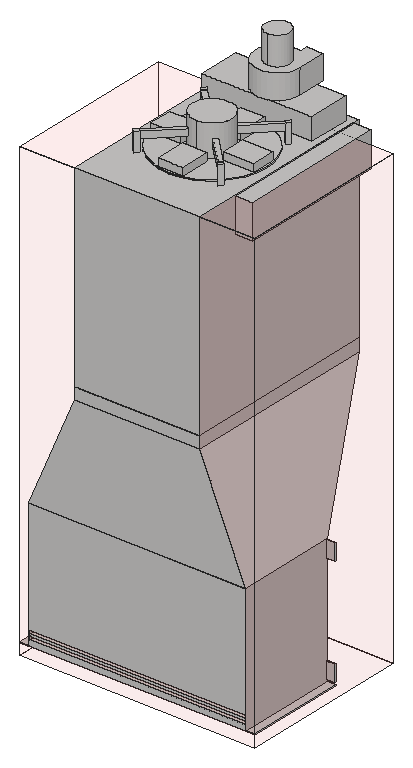
Revit family "Air-Curtain_Industrial_PoweredAire_Gas-Indirect-1Heater", category Mechanical Equipment, host Face, Revit 2018
Family settings
  Host = Face
  Round Connector Dimension = Use Diameter
  Part Type = Normal
  OmniClass Number = 23.75.35.17.21
  OmniClass Title = Air Curtains
  Cut with Voids When Loaded = No
  Shared = No
  Room Calculation Point = No
Parameters
  topbracket [instance] = Unit Height = 1' 4 3/4"  # yes
  Warranty Duration (Years) = 0
  Unit Width Notes = "Other Widths available."  # constant formula
  Unit Width = 3' - 3"
  Unit Weight = 0
  Unit Height = 1' - 4 3/4"
  Unit Depth = 1' - 9 1/4"
  URL = "http://www.poweredaire.com/"
  Test Data = ""
  Standards Conformance = "as Specified"
  Specification = "http://www.arcat.com/sdspecs/htm04/23_34_33pai.htm"
  SpecWizard = ""
  Sound Pressure = "as Specified"
  Sales Information = "http://www.poweredaire.com/contact_us"
  Revision = "R1_2016-08"
  Projection from Host [instance] = 0' - 2"
  Product Properties = ""
  Product Data = "http://www.arcat.com/arcatcos/cos47/arc47623.html"
  Power Rating = 0 W
  Piping_Operating Pressure [instance] = 0.00 psi
  Pipe OD [instance] = 5/8"
  Overall Depth = 6' - 1 3/4"
  Nozzle Width = if(1 = 1, Unit Width - 0' 3", 0' 0")  # 3' - 0"
  Mounting Width = if(1 = 1, Unit Width - 0' 1 1/2", 0' 0")  # 3' - 1 1/2"
  Mounting Height [instance] = 3' - 6"
  Motor RPM = 0
  Motor HP = 0
  Motor Count = 0
  Model = "As Specified"
  Max Height = 0' - 0"
  Manufacturer Website = "http://www.poweredaire.com/"
  Manufacturer Phone - Toll Free = "888-321-2473"
  Manufacturer Phone = "724-588-3305"
  Manufacturer Fax = "724-588-3371"
  Manufacturer Address = "109 Mortensen Rd.  Greenville, PA 16125"
  Manufacturer = "Powered Aire, Inc"
  Maintenance Schedule (Months) = 0
  Keynote = "23 34 33"
  Installation-Fabrication = ""
  Installation Phase = ""
  Include Clearance [instance] = yes
  Heating Element Load = 0 W
  Heater Weight = 0
  Heater Hanging Width = 1' - 6 5/8"
  Heater Finish [instance] = Metal - Steel - PoweredAire - Stainless 304
  HVAC_Temperature Rise = 0 °F
  HVAC_Primary CFM = 0 CFM
  HVAC_Outlet Volume = 0 CFM
  HVAC_Outlet Velocity Uniformity = 0
  HVAC_Outlet Velocity = 0 FPM
  HVAC_Exit Temperature [instance] = 0 °F
  HVAC_BTU Output = 0.0 Btu/h
  HVAC_BTU Input = 0.0 Btu/h
  Green Building-LEED = "http://www.arcat.com/green/clients/leed_data_47623.html"
  Gas Connection Diameter [instance] = 0"
  Frame Finish [instance] = Metal - Steel - PoweredAire - Stainless 304
  Expected Lifespan (Years) = 0
  Exhaust Connection Diameter = 0' - 5"
  Electrical_Wattage [instance] = Power Rating + Heating Element Load  # 0 W
  Electrical_Voltage [instance] = 0 V
  Electrical_Phase [instance] = 1
  Electrical_Frequency [instance] = 0 Hz
  Electrical_Amperage [instance] = 0 A
  Drawn By = "Sumex Design, Inc. / Robert S. Weygant, CSI, CDT, SCIP"
  Description = "Powered Aire Air Curtain as Specified"
  Default Elevation = 0' - 0"  # constant formula
  Copyright = "©Arcat Inc."
  Construction Details = "http://www.arcat.com/details/powair/prod3336.html"
  Clearance_Top [instance] = 1' - 0"
  Clearance_Side B [instance] = 0' - 0"
  Clearance_Side A [instance] = 0' - 0"
  Clearance_Intake [instance] = 0' - 0"
  Clearance_Bottom [instance] = 0' - 0"
  Clearance Material [instance] = ARCAT Clearance
  Building Codes = ""
  Available Options [instance] = "as Specified"
  Assembly Code = "D3090400"
Reference planes (in)
  plane 1 "Center (Elevation)": y = 0.13818
  plane 2: z = 0
  plane 3 "Center (Left/Right)": x = 0
  plane 4 "Top": y = 8.51318
  plane 5: y = -8.23682
  plane 6: x = -19.5
  plane 7: x = 19.5
  plane 8 "Front": z = 23.25
  plane 9 "FF": y = -41.86182
  plane 10: z = 2
  plane 11: x = 18
  plane 12: x = -18
  plane 13: y = 20.51318
  plane 14: y = -8.23682
  plane 15: x = -19.5
  plane 16: x = 19.5
  plane 17: z = 75.75
  plane 18: x = 17.9375
  plane 19: x = -17.9375
  plane 20: x = 18
  plane 21: x = 18
  plane 22: y = 6.01318
  plane 23: y = -5.73682
  plane 24: x = -9.3125
  plane 25: x = 9.3125
  plane 26: x = -10.375
  plane 27: x = 10.375
  plane 28: z = 75.75
  plane 29: z = 43.25
  plane 30: z = 41.25
Forms (in)
  Extrusion 1, solid, material "Metal - Steel - PoweredAire - Stainless 304" <- "Frame Finish"
    sketch origin (0, 0, 0) x (0, 1, 0) y (0, 0, 1)
      loop
        line (-8.23682, 2) -> (8.51318, 2) -> (8.51318, 23.25) -> (-8.23682, 23.25) -> (-8.23682, 2)
    from -18 to 18
  Extrusion 2, solid, material "ARCAT Clearance" <- "Clearance Material", visible <- "Include Clearance"
    sketch origin (0, 0, 0) x (0, 1, 0) y (0, 0, 1)
      loop
        line (-8.23682, 75.75) -> (-8.23682, 0) -> (20.51318, 0) -> (20.51318, 75.75) -> (-8.23682, 75.75)
    from -19.5 to 19.5
  Extrusion 3, solid, material "Metal - Steel - PoweredAire - Stainless 304" <- "Frame Finish"
    sketch origin (-15.17702, -180, 2) x (-1, 0, 0) y (0, -1, 0)
      loop
        line (-33.17702, -188.51318) -> (-33.17702, -171.76318) -> (-34.67702, -171.76318) -> (-34.67702, -188.51318) -> (-33.17702, -188.51318)
      loop
        line (2.82298, -188.51318) -> (4.32298, -188.51318) -> (4.32298, -171.76318) -> (2.82298, -171.76318) -> (2.82298, -188.51318)
    from 0 to 0.125
  Extrusion 4, solid, material "Metal - Steel - PoweredAire - Stainless 304" <- "Frame Finish", visible <- "topbracket"
    sketch origin (-11.83813, 8.51318, 48) x (-1, 0, 0) y (0, 0, 1)
      loop
        line (-29.83813, -45.5) -> (-29.83813, -42.75) -> (-31.33813, -42.75) -> (-31.33813, -45.5) -> (-29.83813, -45.5)
      loop
        line (-29.83813, -27.5) -> (-29.83813, -24.75) -> (-31.33813, -24.75) -> (-31.33813, -27.5) -> (-29.83813, -27.5)
      loop
        line (6.16187, -45.5) -> (7.66187, -45.5) -> (7.66187, -42.75) -> (6.16187, -42.75) -> (6.16187, -45.5)
      loop
        line (6.16187, -27.5) -> (7.66187, -27.5) -> (7.66187, -24.75) -> (6.16187, -24.75) -> (6.16187, -27.5)
    from 0 to -0.125
  Extrusion 5, void
    sketch origin (0, 0, 0) x (0, 1, 0) y (0, 0, 1)
      loop
        line (-8.23682, 3) -> (-7.23682, 3) -> (-7.23682, 4.5) -> (-8.23682, 4.5) -> (-8.23682, 3.82425) -> (-7.38364, 3.82425) -> (-7.38364, 3.57425) -> (-8.23682, 3.57425) -> (-8.23682, 3)
    from -17.9375 to 17.9375
  Blend 6, solid, material "Metal - Steel - PoweredAire - Stainless 304" <- "Frame Finish"
    base sketch origin (-15.17702, -180, 23.25) x (-1, 0, 0) y (0, -1, 0)
      loop
        line (2.82298, -188.51318) -> (2.82298, -171.76318) -> (-33.17702, -171.76318) -> (-33.17702, -188.51318) -> (2.82298, -188.51318)
    top sketch origin (-15.17702, -180, 23.25) x (-1, 0, 0) y (0, -1, 0)
      loop
        line (-4.80202, -171.76318) -> (-25.55202, -171.76318) -> (-25.55202, -204.76318) -> (-4.80202, -204.76318) -> (-4.80202, -171.76318)
    from 0 to 18
Cuts and joins
  Extrusion 5 cuts Extrusion 1
Dimensions and locks (in)
  equal spacing: plane 4 "Top", plane 1 "Center (Elevation)", plane 5
  "Unit Height": plane 4 "Top" to plane 5
  equal spacing: plane 6, plane 3 "Center (Left/Right)", plane 7
  "Unit Width": plane 6 to plane 7
  "Mounting Height": plane 1 "Center (Elevation)" to plane 9 "FF"
  "Projection from Host": plane 10 to level
  "Unit Depth": plane 8 "Front" to plane 10
  locked: plane 6 to plane 12 at 1.5
  locked: plane 11 to plane 7 at 1.5
  "Clearance_Side A": plane 7 to plane 16
  "Clearance_Side B": plane 15 to plane 6
  "Clearance_Top": plane 13 to plane 4 "Top"
  "Clearance_Bottom": plane 5 to plane 14
  "Clearance_Intake": plane 17 to plane 28
  Extrusion 5 sketch curve to Extrusion 5 sketch curve to Extrusion 5 sketch curve to Extrusion 5 sketch curve to plane 10 = 0' - 0.67575" locked, 0' - 0 1/4" locked, 0' - 0.57425" locked, 0' - 1" locked
  plane 5 to Extrusion 5 sketch curve to Extrusion 5 sketch curve = 0' - 0.85319" locked, 0' - 0.14681" locked
  locked: plane 19 to plane 12 at 0.0625
  locked: plane 11 to plane 18 at 0.0625
  locked: plane 20 to plane 11
  locked: plane 21 to plane 11
  locked: plane 4 "Top" to plane 22 at 2.5
  locked: plane 23 to plane 5 at 2.5
  equal spacing: plane 24, plane 3 "Center (Left/Right)", plane 25
  "Heater Hanging Width": plane 24 to plane 25
  locked: plane 25 to plane 27 at 1.0625
  locked: plane 26 to plane 24 at 1.0625
  "Overall Depth": plane 28 to plane 10
  locked: plane 29 to plane 30 at 2
  locked: plane 28 to plane 29 at 32.5
  locked: Blend 6 sketch curve to plane 5 at 33
  Extrusion 4 sketch curve to Extrusion 4 sketch curve to plane 10 = 0' - 2 3/4" locked, 0' - 0 1/2" locked  (x2)
  plane 8 "Front" to Extrusion 4 sketch curve to Extrusion 4 sketch curve = 0' - 0" locked, 0' - 2 3/4" locked  (x2)
  aligned and locked: plane 2 to host face
  aligned and locked: level to host face
  aligned and locked: Extrusion 2 sketch curve to plane 17
  aligned and locked: plane 14 to Extrusion 2 sketch curve
  aligned and locked: level to Extrusion 2 sketch curve
  aligned and locked: Extrusion 2 sketch curve to plane 13
  aligned and locked: plane 16 to Extrusion 2
  aligned and locked: Extrusion 2 to plane 15
  aligned and locked: plane 11 to Extrusion 1
  aligned and locked: Extrusion 1 to plane 12
  aligned and locked: Extrusion 1 sketch curve to plane 8 "Front"
  aligned and locked: plane 28 to nested 1
  aligned and locked: Blend 6 sketch curve to plane 5  (x2)
  aligned and locked: plane 12 to Blend 6 sketch curve
  aligned and locked: Blend 6 sketch curve to plane 11
  aligned and locked: Blend 6 sketch curve to plane 4 "Top"
  aligned and locked: Blend 6 sketch curve to plane 26
  aligned and locked: plane 27 to Blend 6 sketch curve
  aligned and locked: plane 30 to Blend 6
  aligned and locked: plane 3 "Center (Left/Right)" to nested 1
  aligned and locked: plane 18 to cut or joined group of Extrusion 1, Extrusion 5
  aligned and locked: cut or joined group of Extrusion 1, Extrusion 5 to plane 19
Automatic sketch dimensions
  host sketch curve to host sketch curve = 8' - 0"  (x2)
  plane 4 "Top" to Extrusion 3 sketch curve = 0' - 0"
  Extrusion 3 sketch curve to plane 7 = 0' - 0"
  plane 5 to Extrusion 3 sketch curve = 0' - 0"
  Extrusion 3 sketch curve to plane 11 = 0' - 0"
  Extrusion 3 sketch curve to plane 4 "Top" = 0' - 0"
  Extrusion 3 sketch curve to plane 12 = 0' - 0"
  Extrusion 3 sketch curve to plane 6 = 0' - 0"
  Extrusion 3 sketch curve to plane 5 = 0' - 0"
  Extrusion 4 sketch curve to plane 7 = 0' - 0"  (x2)
  Extrusion 4 sketch curve to plane 11 = 0' - 0"  (x2)
  Extrusion 4 sketch curve to plane 12 = 0' - 0"  (x2)
  Extrusion 4 sketch curve to plane 6 = 0' - 0"  (x2)
  Extrusion 5 sketch curve to plane 5 = 0' - 0"  (x2)
  Extrusion 1 sketch curve to plane 5 = 0' - 0"
  Extrusion 1 sketch curve to plane 4 "Top" = 0' - 0"
  Extrusion 1 sketch curve to plane 10 = 0' - 0"
Nested families (in)
  nested 1: "Heater" at (0, -8.23682, 43.2987) x (1, 0, 0) z (0, 1, 0), finish <- "Heater Finish", burner width <- "Heater Hanging Width", type "Heater"
    with finish Metal - Steel - PoweredAire - Stainless 304, burner width 1' - 6 5/8", Two Fan no, One Fan yes
Connectors (in)
  electrical at (-18, 0.13818, 12.625), driven by "Electrical_Voltage", driven by "Electrical_Phase"
    settings: on cut or joined group of Extrusion 1, Extrusion 5, index 3, voltage 0 V, apparent load 0 VA, apparent load phase1 0 VA, apparent load phase2 0 VA, apparent load phase3 0 VA, power factor 1, load classification "Motor", number of poles 1, system type 31, power factor state 1, is connector primary yes, connector utility no, sub classification motor no, connector description ""
  hvac at (3, 24.76318, 81.40625), driven by "Exhaust Connection Diameter", driven by "HVAC_Primary CFM"
    settings: on nested 1, index 4, duct flow 0 CFM, flow factor 0, pres drop 0.00 in-wg, loss coef 0, conn angle 0.00°, conn width 12", conn height 12", conn diameter 5", duct sys type 3, conn prof type 0, flow config 0, flow direction 2, loss method 0, conn ref index -1, conn util no, is conn primary yes, conn desc ""
Definition of nested family "Heater"
  Parameters
    finish [instance] = none
    burner width [instance] = 4' - 0 5/8"
    burner depth = 3' - 8 3/4"
    Two Fan [instance] = burner width > 4' 0"  # yes
    One Fan [instance] = burner width < 4' 0"  # no
    Default Elevation = 0' - 0"  # constant formula
  Reference planes (in)
    plane 1 "Center (Front/Back)": y = 0
    plane 2: z = 0
    plane 3 "Center (Left/Right)": x = 0
    plane 4: x = -25.375
    plane 5: x = 25.375
    plane 6: z = 33
    plane 7: y = -44.75
    plane 8: x = 3
    plane 9: x = 4.375
    plane 10: x = -12.6875
    plane 11: x = 12.6875
    plane 12: z = 15.5
    plane 13: x = -24.3125
    plane 14: x = 24.3125
  Forms (in)
    Extrusion 1, solid, material <- "finish"
      sketch origin (-74.94554, -3, 38.65968) x (0, 0, 1) y (1, 0, 0)
        loop
          line (-5.65968, 49.57054) -> (-5.65968, 100.32054) -> (-38.65968, 100.32054) -> (-38.65968, 49.57054) -> (-5.65968, 49.57054)
      from 3 to -29.4513
    Extrusion 2, solid, material <- "finish"
      sketch origin (0, 0, 0) x (0, 1, 0) y (0, 0, 1)
        loop
          line (2, 0) -> (2, 33) -> (0, 33) -> (0, 0) -> (2, 0)
      from -25.375 to 25.375
    Extrusion 3, solid, material <- "finish"
      sketch origin (-74.94554, -32.4513, 38.65968) x (0, 0, 1) y (1, 0, 0)
        loop
          line (-6.91591, 50.82971) -> (-6.91591, 99.10844) -> (-13.91591, 99.10844) -> (-13.91591, 50.82971) -> (-6.91591, 50.82971)
      from 0 to -3.625
    Extrusion 4, solid, material <- "finish"
      sketch origin (-74.94554, -36.0763, 38.65968) x (0, 0, 1) y (1, 0, 0)
        loop
          arc (-10.4052, 79.32054) -> (-12.67312, 72.60509) -> (-6.79809, 76.57054) r 3.74068
          line (-6.79809, 76.57054) -> (-5.65968, 76.57054) -> (-5.65968, 79.32054) -> (-10.4052, 79.32054)
      from 0 to -4.0625
    Extrusion 5, solid, material <- "finish"
      sketch origin (-73.58006, -40.1388, 35.52564) x (0, 0, -1) y (1, 0, 0)
        loop
          circle (7.27116, 74.21438) r 2
      from 4.6112 to 0
    Extrusion 6, solid, material <- "finish"
      sketch origin (0, 0, 0) x (1, 0, 0) y (0, 1, 0)
        loop
          line (28.3125, -32.4513) -> (28.3125, -26.7013) -> (25.3125, -26.7013) -> (25.3125, -32.4513) -> (28.3125, -32.4513)
      from 7.25 to 31.75
    Extrusion 7, solid, material <- "finish", visible <- "Two Fan"
      sketch origin (0, 0, 0) x (0, 1, 0) y (0, 0, 1)
        loop
          line (-32.4513, 6.22268) -> (-44.15658, 5.1986) -> (-44.15658, 4.4486) -> (-32.4513, 4.85736) -> (-32.4513, 6.22268)
      from -25.375 to 25.375
  Dimensions and locks (in)
    locked: Extrusion 4 sketch curve to Extrusion 4 sketch curve at 2.75
    "burner width": plane 13 to plane 14
    locked: plane 6 to level at 33
    "burner depth": plane 7 to plane 1 "Center (Front/Back)"
    locked: plane 8 to plane 9 at 1.375
    Extrusion 4 sketch curve to Extrusion 4 sketch curve to plane 8 = 0' - 0.99068" locked, 0' - 1 3/8" locked
    locked: Extrusion 5 sketch curve to plane 8 at 2.36568
    locked: plane 8 to plane 3 "Center (Left/Right)" at 3
    Extrusion 6 sketch curve to plane 5 to Extrusion 6 sketch curve = 0' - 0 1/16" locked, 0' - 2 15/16" locked
    equal spacing: plane 5, plane 11, plane 3 "Center (Left/Right)", plane 10, plane 4
    locked: plane 4 to plane 13 at 1.0625
    locked: plane 14 to plane 5 at 1.0625
    aligned and locked: plane 2 to level
    aligned: Extrusion 4 to Extrusion 5
    aligned: Extrusion 3 to Extrusion 2  (x2)
    aligned and locked: plane 7 to Extrusion 5
    aligned and locked: plane 4 to Extrusion 1 sketch curve
    aligned and locked: Extrusion 1 sketch curve to plane 5
    aligned and locked: Extrusion 7 to plane 4
    aligned and locked: plane 5 to Extrusion 7
    aligned and locked: plane 12 to nested 1
    aligned and locked: plane 3 "Center (Left/Right)" to nested 1
    aligned and locked: plane 12 to nested 3
    aligned and locked: plane 11 to nested 3
    aligned and locked: plane 10 to nested 2
    aligned and locked: plane 12 to nested 2
    aligned and locked: plane 5 to Extrusion 2
    aligned and locked: Extrusion 2 to plane 4
  Automatic sketch dimensions
    Extrusion 1 to Extrusion 3 sketch curve = 0' - 1.25917"
    Extrusion 1 to Extrusion 3 sketch curve = 0' - 8.25624"
    Extrusion 1 to Extrusion 3 sketch curve = 0' - 1.2121"
    Extrusion 1 to Extrusion 3 sketch curve = 0' - 1.25624"
    Extrusion 4 sketch curve to Extrusion 3 = 0' - 0.11782"
    Extrusion 4 sketch curve to Extrusion 3 = 0' - 1.25624"
    Extrusion 5 sketch curve to Extrusion 4 = 0' - 4.74552"
    Extrusion 1 sketch curve to level = 0' - 0"
    Extrusion 1 sketch curve to plane 6 = 0' - 0"
    Extrusion 2 sketch curve to level = 0' - 0"
    Extrusion 2 sketch curve to plane 1 "Center (Front/Back)" = 0' - 0"
    Extrusion 2 sketch curve to plane 6 = 0' - 0"
    Extrusion 2 sketch curve to Extrusion 2 sketch curve = 0' - 2"
    Extrusion 6 sketch curve to plane 7 = 1' - 0.2987"
    Extrusion 6 sketch curve to Extrusion 6 sketch curve = 0' - 5 3/4"
    Extrusion 7 sketch curve to plane 7 = 0' - 0.59342"
    level to Extrusion 7 sketch curve = 0' - 4.4486"
    Extrusion 7 sketch curve to Extrusion 7 sketch curve = 0' - 0 3/4"
    level to Extrusion 7 sketch curve = 0' - 4.85736"
    Extrusion 7 sketch curve to Extrusion 7 sketch curve = 0' - 11.70529"
    Extrusion 7 sketch curve to Extrusion 7 sketch curve = 0' - 1.36532"
    radius of Extrusion 5 sketch curve = 0' - 2"
  Nested families (in)
    nested 1: "FanControls" at (0, -32.4513, 15.5) x (1, 0, 0) z (0, -1, 0), finish <- "finish", visible <- "One Fan", type "FanControls"
      with finish none
    nested 2: "FanControls" at (-12.6875, -32.4513, 15.5) x (1, 0, 0) z (0, -1, 0), finish <- "finish", visible <- "Two Fan", type "FanControls"
      with finish none
    nested 3: "FanControls" at (12.6875, -32.4513, 15.5) x (1, 0, 0) z (0, -1, 0), finish <- "finish", visible <- "Two Fan", type "FanControls"
      with finish none
  Definition of nested family "FanControls"
    Parameters
      finish [instance] = none
      Default Elevation = 4' - 0"
    Reference planes (in)
      plane 1 "Center (Front/Back)": y = 0
      plane 2: z = 0
      plane 3 "Center (Left/Right)": x = 0
    Forms (in)
      Extrusion 1, solid, material <- "finish"
        sketch origin (-75.00804, 32.07233, 0) x (1, 0, 0) y (0, -1, 0)
          loop
            circle (75.00804, 32.07233) r 3.25
        from -5.33075 to 0
      Extrusion 2, solid, material <- "finish"
        sketch origin (24.44581, -78.06044, 0) x (1, 0, 0) y (0, -1, 0)
          loop
            line (-22.50831, -86.58776) -> (-22.50831, -81.58776) -> (-26.50831, -81.58776) -> (-26.50831, -86.58776) -> (-22.50831, -86.58776)
          loop
            line (-22.50831, -69.53312) -> (-26.50831, -69.53312) -> (-26.50831, -74.53312) -> (-22.50831, -74.53312) -> (-22.50831, -69.53312)
          loop
            line (-15.98099, -76.06044) -> (-20.98099, -76.06044) -> (-20.98099, -80.06044) -> (-15.98099, -80.06044) -> (-15.98099, -76.06044)
          loop
            line (-33.03563, -76.06044) -> (-33.03563, -80.06044) -> (-28.03563, -80.06044) -> (-28.03563, -76.06044) -> (-33.03563, -76.06044)
        from 0 to -1.37288
      Extrusion 3, solid, material <- "finish"
        sketch origin (-75.00804, 21.40968, 0) x (1, 0, 0) y (0, -1, 0)
          loop
            line (68.02536, 14.95733) -> (68.55569, 14.427) -> (75.00804, 20.87935) -> (81.46039, 14.427) -> (81.99072, 14.95733) -> (75.53837, 21.40968) -> (81.99072, 27.86203) -> (81.46039, 28.39236) -> (75.00804, 21.94001) -> (68.55569, 28.39236) -> (68.02536, 27.86203) -> (74.47771, 21.40968) -> (68.02536, 14.95733)
        from -3.1123 to -2
      Extrusion 4, solid, material <- "finish"
        sketch origin (-75.00804, 21.40968, 0) x (1, 0, 0) y (0, -1, 0)
          loop
            line (68.02536, 13.89667) -> (68.55569, 14.427) -> (68.02536, 14.95733) -> (67.49503, 14.427) -> (68.02536, 13.89667)
          loop
            line (82.52105, 14.427) -> (81.99072, 14.95733) -> (81.46039, 14.427) -> (81.99072, 13.89667) -> (82.52105, 14.427)
          loop
            line (81.99072, 28.92269) -> (81.46039, 28.39236) -> (81.99072, 27.86203) -> (82.52105, 28.39236) -> (81.99072, 28.92269)
          loop
            line (67.49503, 28.39236) -> (68.02536, 27.86203) -> (68.55569, 28.39236) -> (68.02536, 28.92269) -> (67.49503, 28.39236)
        from 0 to -3.1123
      Extrusion 5, solid, material <- "finish"
        sketch origin (0, 0, 0) x (1, 0, 0) y (0, 1, 0)
          loop
            circle (0, 0) r 9
        from 0 to 0.14961
    Dimensions and locks (in)
      Extrusion 4 sketch curve to Extrusion 4 sketch curve to Extrusion 4 sketch curve to Extrusion 4 sketch curve = 0' - 0.53033" locked, 0' - 0" locked, 0' - 0.53033" locked  (x4)
      Extrusion 3 sketch curve to Extrusion 3 sketch curve to Extrusion 3 sketch curve to Extrusion 3 sketch curve to Extrusion 3 sketch curve = 0' - 5.92202" locked, 0' - 0" locked, 0' - 0.53033" locked, 0' - 0" locked
      Extrusion 3 sketch curve to Extrusion 3 sketch curve to Extrusion 3 sketch curve to Extrusion 3 sketch curve to Extrusion 3 sketch curve = 0' - 0" locked, 0' - 0.53033" locked, 0' - 0" locked, 0' - 5.92202" locked
      locked: Extrusion 2 sketch curve to Extrusion 2 sketch curve at 5  (x2)
      aligned and locked: plane 2 to level
